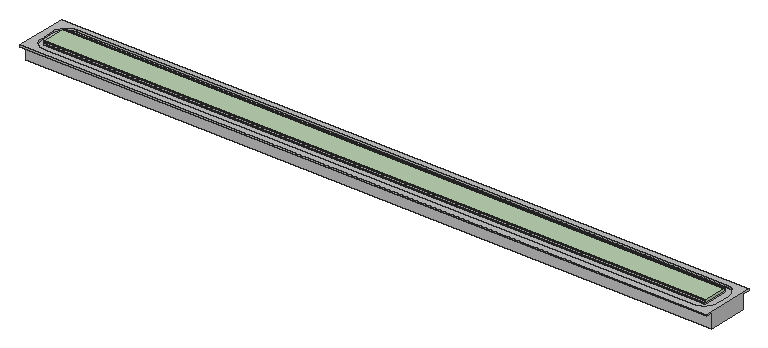
Revit family "Drain-Linear_Tile_Noble_FreeStyle", category Plumbing Fixtures, host Face, Revit 2016
Family settings
  Host = Face
  Part Type = Normal
  Round Connector Dimension = Use Diameter
  OmniClass Number = 23.45.55.21
  OmniClass Title = Drains (Wastes)
  Cut with Voids When Loaded = No
  Shared = No
  Room Calculation Point = No
Parameters (values of type "60in PVC")
  Weight = "10 lbs"
  URL = "www.noblecompany.com"
  Type Comments = ""
  Tile [instance] = Tile
  Product Properties = "http://www.noblecompany.com/Portals/0/PRODUCT%20INFO/Product%20Descriptions/FreeStyle%20Linear%20Drain%20Product%20Decription%200410.pdf"
  Product Data = "http://www.noblecompany.com/Products/ShowerProducts/tabid/59/Default.aspx"
  Plate = Stainless Steel - Brushed
  Model = "Freestyle 60 PVC - Wave"
  Manufacturer Phone - Toll Free = "800-878-5788"
  Manufacturer Phone = "231-799-8000"
  Manufacturer Fax = "231-799-8850"
  Manufacturer Email = "mailto:sales@noblecompany.com"
  Manufacturer Address = "7300 Enterprise Drive, Spring Lake, MI  49456 USA"
  Manufacturer = "Noble Company"
  Installation-Fabrication = "http://www.noblecompany.com/Portals/0/PRODUCT%20INFO/Product%20Descriptions/FreeStyle%20Linear%20Drain%20Product%20Decription%200410.pdf"
  GPM = 0 GPM
  Description = "Freestyle 60 PVC - Wave Linear Drain"
  Building Codes = "http://www.noblecompany.com/Portals/0/TECHNICAL%20INFO/Listing_Testing_Certification_Reports/PMG-1065%20Noble%20Company%20Linear%20Drain%20final%202.pdf"
  Base = PVC
  B = 57 3/4"
  Assembly Code = "D2030300"
  A = 60"
  Default Elevation = 0"
  D = 1 5/8"
  C = 33 3/4"
Types (14): name | Tile | Model | Description | Base | B | A | D | C
  24in ABS | Stainless Steel - Brushed | "Freestyle 24 ABS - Wave" | "Freestyle 24 ABS - Wave Linear Drain" | ABS | 21 3/4" | 24" | 1 1/4" | 15 3/4"
  32in ABS | Stainless Steel - Brushed | "Freestyle 32 ABS - Wave" | "Freestyle 32 ABS - Wave Linear Drain" | ABS | 29 3/4" | 32" | 1 3/8" | 19 1/2"
  36in ABS | Stainless Steel - Brushed | "Freestyle 36 ABS - Wave" | "Freestyle 36 ABS - Wave Linear Drain" | ABS | 33 3/4" | 36" | 1 3/8" | 21 3/4"
  40in ABS | Stainless Steel - Brushed | "Freestyle 40 ABS - Wave" | "Freestyle 40 ABS - Wave Linear Drain" | ABS | 37 3/4" | 40" | 1 7/16" | 23 3/4"
  48in ABS | Stainless Steel - Brushed | "Freestyle 48 ABS - Wave" | "Freestyle 48 ABS - Wave Linear Drain" | ABS | 45 3/4" | 48" | 1 1/2" | 27 3/4"
  54in ABS | Stainless Steel - Brushed | "Freestyle 54 ABS - Wave" | "Freestyle 54 ABS - Wave Linear Drain" | ABS | 51 3/4" | 54" | 1 9/16" | 30 3/4"
  60in ABS | Stainless Steel - Brushed | "Freestyle 60 ABS - Wave" | "Freestyle 60 ABS - Wave Linear Drain" | ABS | 57 3/4" | 60" | 1 5/8" | 33 3/4"
  24in PVC | Stainless Steel - Brushed | "Freestyle 24 PVC - Wave" | "Freestyle 24 PVC - Wave Linear Drain" | PVC | 21 3/4" | 24" | 1 1/4" | 15 3/4"
  32in PVC | Stainless Steel - Brushed | "Freestyle 32 PVC - Wave" | "Freestyle 32 PVC - Wave Linear Drain" | PVC | 29 3/4" | 32" | 1 3/8" | 19 1/2"
  36in PVC | Stainless Steel - Brushed | "Freestyle 36 PVC - Wave" | "Freestyle 36 PVC - Wave Linear Drain" | PVC | 33 3/4" | 36" | 1 3/8" | 21 3/4"
  40in PVC | Stainless Steel - Brushed | "Freestyle 40 PVC - Wave" | "Freestyle 40 PVC - Wave Linear Drain" | PVC | 37 3/4" | 40" | 1 7/16" | 23 3/4"
  48in PVC | Stainless Steel - Brushed | "Freestyle 48 PVC - Wave" | "Freestyle 48 PVC - Wave Linear Drain" | PVC | 45 3/4" | 48" | 1 1/2" | 27 3/4"
  54in PVC | Stainless Steel - Brushed | "Freestyle 54 PVC - Wave" | "Freestyle 54 PVC - Wave Linear Drain" | PVC | 51 3/4" | 54" | 1 9/16" | 30 3/4"
  60in PVC | Tile | "Freestyle 60 PVC - Wave" | "Freestyle 60 PVC - Wave Linear Drain" | PVC | 57 3/4" | 60" | 1 5/8" | 33 3/4"
Reference planes (in)
  plane 1 "Center (Front/Back)": y = 0
  plane 2: z = 0
  plane 3 "Center (Left/Right)": x = 0
  plane 4: z = -1.625
  plane 5: z = -4.05899
  plane 6: z = -1.625
  plane 7: y = 1.6875
  plane 8: y = -1.6875
  plane 9: z = -0.375
  plane 10: y = 2.25
  plane 11: y = -2.25
  plane 12: z = -0.3125
  plane 13: x = 30
  plane 14: x = -30
  plane 15: x = 28.875
  plane 16: x = -3.75
  plane 17: x = -28.875
  plane 18: z = -0.125
Forms (in)
  Extrusion 1, void, detail levels medium+fine
    sketch origin (0, 0, 0) x (1, 0, 0) y (0, 1, 0)
      loop
        circle (-3.75, 0) r 1
    from -60 to 34.55449
  Extrusion 2, solid, material "PVC" <- "Base", detail levels medium+fine
    sketch origin (10.05986, 0, 0) x (0, 1, 0) y (0, 0, 1)
      loop
        line (2.25, -0.375) -> (2.25, -0.25) -> (-2.25, -0.25) -> (-2.25, -0.375) -> (-1.6875, -0.375) -> (-1.6875, -1.625) -> (1.6875, -1.625) -> (1.6875, -0.375) -> (2.25, -0.375)
    from -40.05986 to 19.94014
  Extrusion 3, void
    sketch origin (10.05986, 0, 0) x (1, 0, 0) y (0, 1, 0)
      loop
        arc (-38.37906, 1.769) -> (-39.18512, 1.43512) -> (-39.519, 0.62906) r 1.13994
        line (-39.519, 0.62906) -> (-39.519, -0.63005)
        arc (-39.519, -0.63005) -> (-39.18541, -1.43541) -> (-38.38005, -1.769) r 1.13895
        line (-38.38005, -1.769) -> (18.37931, -1.769)
        arc (18.37931, -1.769) -> (19.18519, -1.43519) -> (19.519, -0.62931) r 1.13969
        line (19.519, -0.62931) -> (19.519, 0.62118)
        arc (19.519, 0.62118) -> (19.18281, 1.43281) -> (18.37118, 1.769) r 1.14782
        line (18.37118, 1.769) -> (-38.37906, 1.769)
    from -0.375 to 0
  Extrusion 4, void
    sketch origin (0, 0, 0) x (1, 0, 0) y (0, 1, 0)
      loop
        line (29, 1.269) -> (-29, 1.269) -> (-29, -1.269) -> (29, -1.269) -> (29, 1.269)
    from -0.125 to 0
  Extrusion 5, void, detail levels fine
    sketch origin (0, 0, 0) x (0, 1, 0) y (0, 0, 1)
      loop
        line (2.25, -0.375) -> (2.25, -0.125) -> (-2.25, -0.125) -> (-2.25, -0.375) -> (-1.6875, -0.375) -> (-1.6875, -1.625) -> (1.6875, -1.625) -> (1.6875, -0.375) -> (2.25, -0.375)
    from -30 to 30
Cuts and joins
  Extrusion 1, Extrusion 3 cuts Extrusion 2
Lines and regions (in)
  model lines, detail levels coarse+medium
    curve 1: line (-3.75, 0, 0) -> (-3.75, 0, -1.625)
  model lines, style "PlumbingFixtures", detail levels coarse
    curve 2: line (-30, 2.25, 0) -> (-30, -2.25, 0)
    curve 3: line (-30, 2.25, 0) -> (30, 2.25, 0)
    curve 4: line (30, 2.25, 0) -> (30, -2.25, 0)
    curve 5: line (-30, -2.25, 0) -> (30, -2.25, 0)
    curve 6: line (30, 0, 0) -> (-30, 0, 0)
Dimensions and locks (in)
  "D": plane 2 to plane 4
  locked: plane 4 to plane 5 at 2.43399
  "D": plane 6 to level
  equal spacing: plane 7, plane 1 "Center (Front/Back)", plane 8, locked at 1.6875 each
  locked: plane 9 to level at 0.375
  plane 7 to plane 8 = 3 3/8"
  locked: plane 10 to plane 7 at 0.5625
  locked: plane 8 to plane 11 at 0.5625
  "A": plane 14 to plane 13
  locked: plane 15 to plane 13 at 1.125
  "C": plane 16 to plane 13
  locked: plane 14 to plane 17 at 1.125
  locked: Extrusion 3 sketch curve to plane 13 at 0.42114
  locked: plane 14 to Extrusion 3 sketch curve at 0.54086
  equal spacing: plane 14, plane 3 "Center (Left/Right)", plane 13
  locked: plane 9 to plane 12 at 0.0625
  locked: level to plane 18 at 0.125
  level to Extrusion 2 sketch curve = 1/4"
  locked: plane 15 to Extrusion 4 sketch curve at 0.125
  locked: Extrusion 4 sketch curve to plane 17 at 0.125
  radius of Extrusion 1 sketch curve = 1"
  aligned and locked: plane 2 to host face
  aligned and locked: level to host face
  aligned and locked: plane 1 "Center (Front/Back)" to Extrusion 1 sketch curve
  aligned and locked: plane 13 to Extrusion 2
  aligned and locked: plane 16 to Extrusion 1 sketch curve
  aligned and locked: plane 10 to Extrusion 5 sketch curve
  aligned and locked: plane 9 to Extrusion 5 sketch curve
  aligned and locked: plane 7 to Extrusion 5 sketch curve
  aligned and locked: plane 4 to Extrusion 5 sketch curve
  aligned and locked: plane 11 to Extrusion 5 sketch curve
  aligned and locked: Extrusion 5 sketch curve to plane 8
  aligned and locked: Extrusion 5 to plane 14
  aligned and locked: plane 13 to Extrusion 5
  aligned and locked: curve 6 to plane 1 "Center (Front/Back)"
  aligned and locked: plane 14 to curve 6
  aligned and locked: plane 13 to curve 6
  aligned and locked: curve 1 to plane 16
  aligned and locked: level to curve 1
  aligned and locked: plane 6 to curve 1
  aligned and locked: Extrusion 2 to plane 14
  aligned and locked: plane 3 "Center (Left/Right)" to nested 1
  aligned and locked: plane 1 "Center (Front/Back)" to nested 1
  aligned and locked: plane 12 to nested 1
  aligned and locked: plane 9 to Extrusion 3
  aligned and locked: Extrusion 4 to plane 18
  aligned and locked: level to Extrusion 4
Automatic sketch dimensions
  host sketch curve to host sketch curve = 48 1/4"
  host sketch curve to host sketch curve = 96"
  plane 9 to Extrusion 2 sketch curve = 0"  (x2)
  Extrusion 2 sketch curve to plane 11 = 0"
  Extrusion 2 sketch curve to plane 4 = 0"
  Extrusion 2 sketch curve to plane 8 = 0"
  Extrusion 2 sketch curve to plane 7 = 0"
  Extrusion 2 sketch curve to plane 10 = 0"
  Extrusion 3 sketch curve to plane 8 = 0.0815"
  plane 17 to Extrusion 3 sketch curve = 0.55481"
  Extrusion 3 sketch curve to plane 7 = 0.0815"
  plane 17 to Extrusion 3 sketch curve = 0.5558"
  Extrusion 3 sketch curve to plane 15 = 0.44396"
  Extrusion 3 sketch curve to plane 15 = 0.43583"
  curve 2 to plane 10 = 0"
  curve 5 to plane 11 = 0"
  plane 9 to Extrusion 5 sketch curve = 0"
  Extrusion 5 sketch curve to plane 18 = 0"
  plane 8 to Extrusion 4 sketch curve = 0.4185"
  plane 7 to Extrusion 4 sketch curve = 0.4185"
Nested families (in)
  nested 1: "Strainer_Wave" at (-12.24848, 0, -0.375), type "24"", detail levels fine
Connectors (in)
  piping at (-3.75, 0, -1.625), diameter 2, driven by "GPM"
    settings: on cut or joined group of Extrusion 1, Extrusion 2, Extrusion 3, index 1, connector inside diameter 2", connector length 0", flow factor 0, pipe flow 0 GPM, pressure drop 0.00 psi, fitting loss kfactor 0, connector angle 0.00°, fixture units 0, engagement length 0", angle of deflection 0.00°, flow configuration 0, flow direction 2, fitting loss method 0, system type 16, joint type 0, gender type 0, connector reference index -1, connector utility 0, adjustable connector no, is connector primary yes, connector description ""
Definition of nested family "Strainer_Wave"
  Parameters
    Tile = none
    Strainer Width = 2 1/4"
    Strainer Height = 5/16"
    Strainer Length = 57 3/4"
    Strainer Finish = none
  Reference planes (in)
    plane 1 "Center (Front/Back)": y = 0
    plane 2: z = 0
    plane 3 "Center (Left/Right)": x = 12.24848
    plane 4 "Left": x = -16.62652
    plane 5 "Right": x = 41.12348
    plane 6: y = 1.125
    plane 7: y = -1.125
    plane 8: z = 0.3125
  Forms (in)
    Extrusion 1, solid, material <- "Strainer Finish"
      sketch origin (12.24848, 0, 0) x (0, 1, 0) y (0, 0, 1)
        loop
          line (1.125, 0.3125) -> (1.06302, 0.3125) -> (1.06302, 0.15625)
          arc (1.06302, 0.15625) -> (1.04564, 0.09963) -> (0.9995, 0.0625) r 0.10095
          line (0.9995, 0.0625) -> (-0.9995, 0.0625)
          arc (-0.9995, 0.0625) -> (-1.04564, 0.09963) -> (-1.06302, 0.15625) r 0.10095
          line (-1.06302, 0.15625) -> (-1.06302, 0.3125) -> (-1.125, 0.3125) -> (-1.125, 0.125)
          arc (-1.125, 0.125) -> (-1.08839, 0.03661) -> (-1, 0) r 0.125
          line (-1, 0) -> (1, 0)
          arc (1, 0) -> (1.08839, 0.03661) -> (1.125, 0.125) r 0.125
          line (1.125, 0.125) -> (1.125, 0.3125)
      from -28.875 to 28.875
    Extrusion 2, solid, material <- "Tile", detail levels medium+fine
      sketch origin (0, 0, 0) x (1, 0, 0) y (0, 1, 0)
        loop
          line (-16.62652, 1.03121) -> (-16.62652, -1.03293) -> (41.12348, -1.03293) -> (41.12348, 1.03121) -> (-16.62652, 1.03121)
      from 0.0625 to 0.3125
  Dimensions and locks (in)
    "Strainer Length": plane 4 "Left" to plane 5 "Right"
    equal spacing: plane 4 "Left", plane 3 "Center (Left/Right)", plane 5 "Right"
    equal spacing: plane 7, plane 1 "Center (Front/Back)", plane 6
    "Strainer Width": plane 6 to plane 7
    "Strainer Height": plane 8 to level
    Extrusion 1 to level = 5/16"
    aligned and locked: plane 8 to Extrusion 1 sketch curve
    aligned and locked: plane 6 to Extrusion 1 sketch curve
    aligned and locked: Extrusion 1 sketch curve to plane 7
    aligned and locked: Extrusion 1 to plane 4 "Left"
    aligned and locked: plane 5 "Right" to Extrusion 1
    aligned and locked: Extrusion 2 sketch curve to plane 5 "Right"
    aligned and locked: plane 4 "Left" to Extrusion 2 sketch curve
  Automatic sketch dimensions
    Extrusion 1 sketch curve to level = 0"
    Extrusion 1 sketch curve to plane 8 = 0"
    plane 7 to Extrusion 1 sketch curve = 0.06198"
    plane 7 to Extrusion 1 sketch curve = 1/8"
    Extrusion 1 sketch curve to Extrusion 1 sketch curve = 0.0005"  (x2)
    Extrusion 1 sketch curve to Extrusion 1 sketch curve = 0.03793"  (x2)
    Extrusion 1 sketch curve to plane 6 = 0.06198"
    Extrusion 1 sketch curve to Extrusion 1 sketch curve = 1/16"
    Extrusion 1 sketch curve to Extrusion 1 sketch curve = 1/32"
    plane 7 to Extrusion 2 sketch curve = 0.09207"
    Extrusion 2 sketch curve to plane 6 = 0.09379"
